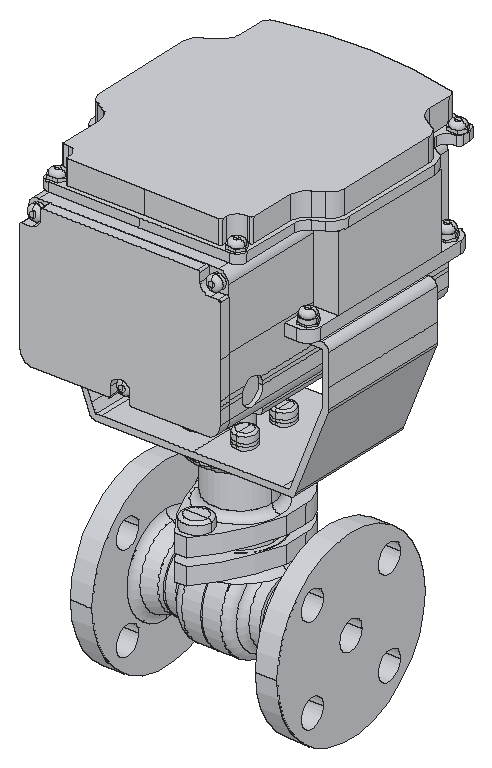
Revit family "電動二方弁_ver2021(ロゴなし)", category 電気設備, Revit 2021 (continued)
Automatic sketch dimensions
  Extrusion 41 sketch curve to Extrusion 41 sketch curve = 3.7 mm
  Extrusion 41 sketch curve to Extrusion 41 sketch curve = 7 mm
  plane 1 "中心(正面/背面)" to Extrusion 41 sketch curve = 36.395 mm
  Extrusion 41 sketch curve to plane 1 "中心(正面/背面)" = 60.605 mm
  Extrusion 41 sketch curve to Extrusion 41 sketch curve = 0.7 mm
  Extrusion 41 sketch curve to Extrusion 41 sketch curve = 7.785 mm
  Extrusion 41 sketch curve to Extrusion 41 sketch curve = 2.098 mm
  Extrusion 41 sketch curve to Extrusion 41 sketch curve = 0 mm
  Extrusion 41 sketch curve to Extrusion 41 sketch curve = 1.226 mm
  Extrusion 42 sketch curve to plane 3 "中心(左/右)" = 51.5 mm
  Extrusion 42 sketch curve to Extrusion 42 sketch curve = 5.8 mm
  Extrusion 42 sketch curve to Extrusion 42 sketch curve = 6 mm
  Extrusion 42 sketch curve to Extrusion 42 sketch curve = 6.5 mm
  Extrusion 42 sketch curve to Extrusion 42 sketch curve = 0.5 mm
  Extrusion 42 sketch curve to Extrusion 42 sketch curve = 3.7 mm
  Extrusion 42 sketch curve to Extrusion 42 sketch curve = 7 mm
  Extrusion 42 sketch curve to plane 1 "中心(正面/背面)" = 69.302 mm
  Extrusion 42 sketch curve to Extrusion 42 sketch curve = 0.212 mm
  Extrusion 42 sketch curve to Extrusion 42 sketch curve = 7.997 mm
  Extrusion 42 sketch curve to Extrusion 42 sketch curve = 0.7 mm
  plane 1 "中心(正面/背面)" to Extrusion 42 sketch curve = 29.395 mm
  Extrusion 42 sketch curve to Extrusion 42 sketch curve = 0 mm
  Extrusion 42 sketch curve to Extrusion 42 sketch curve = 1.226 mm
  Extrusion 43 sketch curve to plane 3 "中心(左/右)" = 64.592 mm
  Extrusion 43 sketch curve to Extrusion 43 sketch curve = 3.729 mm
  Extrusion 43 sketch curve to Extrusion 43 sketch curve = 1.085 mm  (x2)
  Extrusion 43 sketch curve to Extrusion 43 sketch curve = 2.797 mm  (x4)
  Extrusion 43 sketch curve to Extrusion 43 sketch curve = 7.85 mm
  Extrusion 43 sketch curve to Extrusion 43 sketch curve = 2.643 mm
  Extrusion 43 sketch curve to level = 130.361 mm
  Extrusion 43 sketch curve to Extrusion 43 sketch curve = 1.447 mm
  Extrusion 44 sketch curve to plane 3 "中心(左/右)" = 28.5 mm
  plane 3 "中心(左/右)" to Extrusion 44 sketch curve = 28.5 mm
  level to Extrusion 44 sketch curve = 161 mm
  Extrusion 44 sketch curve to Extrusion 44 sketch curve = 0.788 mm
  Revolve 45 sketch curve to plane 3 "中心(左/右)" = 60.5 mm
  Revolve 45 sketch curve to Revolve 45 sketch curve = 2.25 mm
  level to Revolve 45 sketch curve = 197.236 mm
  Revolve 45 sketch curve to Revolve 45 sketch curve = 2.264 mm
  Revolve 45 sketch curve to Revolve 45 sketch curve = 0 mm
  Revolve 45 sketch curve to Revolve 45 sketch curve = 0.936 mm
  Revolve 45 sketch curve to Revolve 45 sketch curve = 1.8 mm
  Revolve 46 sketch curve to plane 3 "中心(左/右)" = 60.5 mm
  Revolve 46 sketch curve to Revolve 46 sketch curve = 2.25 mm
  level to Revolve 46 sketch curve = 197.236 mm
  Revolve 46 sketch curve to Revolve 46 sketch curve = 2.264 mm
  Revolve 46 sketch curve to Revolve 46 sketch curve = 0 mm
  Revolve 46 sketch curve to Revolve 46 sketch curve = 0.936 mm
  Revolve 46 sketch curve to Revolve 46 sketch curve = 1.8 mm
  plane 3 "中心(左/右)" to Revolve 47 sketch curve = 56.375 mm
  Revolve 47 sketch curve to Revolve 47 sketch curve = 2.25 mm
  level to Revolve 47 sketch curve = 197.236 mm
  Revolve 47 sketch curve to Revolve 47 sketch curve = 2.264 mm
  Revolve 47 sketch curve to Revolve 47 sketch curve = 0 mm
  Revolve 47 sketch curve to Revolve 47 sketch curve = 0.936 mm
  Revolve 47 sketch curve to Revolve 47 sketch curve = 1.8 mm
  plane 3 "中心(左/右)" to Revolve 48 sketch curve = 56.375 mm
  Revolve 48 sketch curve to Revolve 48 sketch curve = 2.25 mm
  level to Revolve 48 sketch curve = 197.236 mm
  Revolve 48 sketch curve to Revolve 48 sketch curve = 2.264 mm
  Revolve 48 sketch curve to Revolve 48 sketch curve = 0 mm
  Revolve 48 sketch curve to Revolve 48 sketch curve = 0.936 mm
  Revolve 48 sketch curve to Revolve 48 sketch curve = 1.8 mm
  Extrusion 49 sketch curve to plane 1 "中心(正面/背面)" = 25.952 mm
  Extrusion 49 sketch curve to plane 3 "中心(左/右)" = 74.125 mm
  Extrusion 49 sketch curve to plane 1 "中心(正面/背面)" = 13.532 mm  (x2)
  Extrusion 49 sketch curve to plane 3 "中心(左/右)" = 23 mm
  Extrusion 49 sketch curve to plane 3 "中心(左/右)" = 6.954 mm
  Extrusion 49 sketch curve to plane 3 "中心(左/右)" = 3.046 mm
  Extrusion 49 sketch curve to plane 3 "中心(左/右)" = 1.923 mm
  plane 3 "中心(左/右)" to Extrusion 49 sketch curve = 1.923 mm
  plane 3 "中心(左/右)" to Extrusion 49 sketch curve = 3.046 mm
  plane 3 "中心(左/右)" to Extrusion 49 sketch curve = 6.954 mm
  Extrusion 49 sketch curve to Extrusion 49 sketch curve = 51.125 mm
  Extrusion 49 sketch curve to plane 1 "中心(正面/背面)" = 1.214 mm  (x2)
  Revolve 50 sketch curve to plane 3 "中心(左/右)" = 0 mm  (x2)
  Revolve 50 sketch curve to plane 3 "中心(左/右)" = 23 mm
  Revolve 50 sketch curve to Revolve 50 sketch curve = 2 mm  (x2)
  level to Revolve 50 sketch curve = 115.3 mm
  Revolve 50 sketch curve to Revolve 50 sketch curve = 5.2 mm
  Revolve 50 sketch curve to Revolve 50 sketch curve = 0.2 mm
  Extrusion 51 sketch curve to plane 1 "中心(正面/背面)" = 25.952 mm
  Extrusion 51 sketch curve to plane 3 "中心(左/右)" = 74.125 mm
  Extrusion 51 sketch curve to plane 1 "中心(正面/背面)" = 13.532 mm  (x2)
  Extrusion 51 sketch curve to plane 3 "中心(左/右)" = 23 mm
  Extrusion 51 sketch curve to plane 3 "中心(左/右)" = 6.954 mm
  Extrusion 51 sketch curve to plane 3 "中心(左/右)" = 3.046 mm
  Extrusion 51 sketch curve to plane 3 "中心(左/右)" = 1.923 mm
  plane 3 "中心(左/右)" to Extrusion 51 sketch curve = 1.923 mm
  plane 3 "中心(左/右)" to Extrusion 51 sketch curve = 3.046 mm
  plane 3 "中心(左/右)" to Extrusion 51 sketch curve = 6.954 mm
  Extrusion 51 sketch curve to Extrusion 51 sketch curve = 51.125 mm
  Extrusion 51 sketch curve to plane 1 "中心(正面/背面)" = 1.214 mm  (x2)
  Revolve 52 sketch curve to plane 3 "中心(左/右)" = 0 mm  (x2)
  Revolve 52 sketch curve to plane 3 "中心(左/右)" = 17.5 mm
  level to Revolve 52 sketch curve = 77 mm
  Revolve 52 sketch curve to Revolve 52 sketch curve = 4.3 mm
  Revolve 52 sketch curve to Revolve 52 sketch curve = 0 mm  (x2)
  Extrusion 53 sketch curve to plane 1 "中心(正面/背面)" = 24.749 mm
  level to Extrusion 53 sketch curve = 72.249 mm
  Extrusion 54 sketch curve to plane 1 "中心(正面/背面)" = 24.749 mm
  level to Extrusion 54 sketch curve = 22.751 mm
  plane 1 "中心(正面/背面)" to Extrusion 55 sketch curve = 24.749 mm
  level to Extrusion 55 sketch curve = 22.751 mm
  plane 1 "中心(正面/背面)" to Extrusion 56 sketch curve = 24.749 mm
  level to Extrusion 56 sketch curve = 22.751 mm
  Extrusion 57 sketch curve to plane 1 "中心(正面/背面)" = 0 mm
  level to Extrusion 57 sketch curve = 47.5 mm
  plane 1 "中心(正面/背面)" to Revolve 58 sketch curve = 75.7 mm
  Revolve 58 sketch curve to Revolve 58 sketch curve = 2 mm
  Revolve 58 sketch curve to Revolve 58 sketch curve = 0.6 mm
  level to Revolve 58 sketch curve = 238.5 mm
  Revolve 58 sketch curve to Revolve 58 sketch curve = 1.75 mm
  Revolve 58 sketch curve to Revolve 58 sketch curve = 0 mm  (x3)
  plane 1 "中心(正面/背面)" to Revolve 59 sketch curve = 73.1 mm
  Revolve 59 sketch curve to Revolve 59 sketch curve = 1.6 mm
  level to Revolve 59 sketch curve = 238.5 mm
  Revolve 59 sketch curve to Revolve 59 sketch curve = 3.75 mm
  Revolve 59 sketch curve to Revolve 59 sketch curve = 0 mm  (x3)
  plane 1 "中心(正面/背面)" to Revolve 60 sketch curve = 75.7 mm
  Revolve 60 sketch curve to Revolve 60 sketch curve = 2 mm
  Revolve 60 sketch curve to Revolve 60 sketch curve = 0.6 mm
  level to Revolve 60 sketch curve = 238.5 mm
  Revolve 60 sketch curve to Revolve 60 sketch curve = 1.75 mm
  Revolve 60 sketch curve to Revolve 60 sketch curve = 0 mm  (x3)
  plane 1 "中心(正面/背面)" to Revolve 61 sketch curve = 73.1 mm
  Revolve 61 sketch curve to Revolve 61 sketch curve = 1.6 mm
  level to Revolve 61 sketch curve = 238.5 mm
  Revolve 61 sketch curve to Revolve 61 sketch curve = 3.75 mm
  Revolve 61 sketch curve to Revolve 61 sketch curve = 0 mm  (x3)
  plane 1 "中心(正面/背面)" to Revolve 62 sketch curve = 75.7 mm
  Revolve 62 sketch curve to Revolve 62 sketch curve = 2 mm
  Revolve 62 sketch curve to Revolve 62 sketch curve = 0.6 mm
  level to Revolve 62 sketch curve = 174.5 mm
  Revolve 62 sketch curve to Revolve 62 sketch curve = 1.75 mm
  Revolve 62 sketch curve to Revolve 62 sketch curve = 0 mm  (x3)
  plane 1 "中心(正面/背面)" to Revolve 63 sketch curve = 73.1 mm
  Revolve 63 sketch curve to Revolve 63 sketch curve = 1.6 mm
  level to Revolve 63 sketch curve = 174.5 mm
  Revolve 63 sketch curve to Revolve 63 sketch curve = 3.75 mm
  Revolve 63 sketch curve to Revolve 63 sketch curve = 0 mm  (x3)
  Extrusion 64 sketch curve to plane 3 "中心(左/右)" = 65 mm
  Extrusion 64 sketch curve to Extrusion 64 sketch curve = 13.382 mm
  Extrusion 64 sketch curve to Extrusion 64 sketch curve = 5.3 mm  (x2)
  level to Extrusion 64 sketch curve = 205.5 mm
  Extrusion 64 sketch curve to Extrusion 64 sketch curve = 33.2 mm
  Extrusion 64 sketch curve to Extrusion 64 sketch curve = 0 mm
  Extrusion 65 sketch curve to plane 3 "中心(左/右)" = 65 mm
  Extrusion 65 sketch curve to Extrusion 65 sketch curve = 13.382 mm
  Extrusion 65 sketch curve to Extrusion 65 sketch curve = 5.3 mm  (x2)
  Extrusion 65 sketch curve to level = 205.5 mm
  Extrusion 65 sketch curve to Extrusion 65 sketch curve = 33.2 mm
  Extrusion 65 sketch curve to Extrusion 65 sketch curve = 0 mm
  Revolve 66 sketch curve to plane 3 "中心(左/右)" = 61.28 mm
  Revolve 66 sketch curve to Revolve 66 sketch curve = 1.501 mm
  Revolve 66 sketch curve to Revolve 66 sketch curve = 1.75 mm
  level to Revolve 66 sketch curve = 208.5 mm
  Revolve 66 sketch curve to Revolve 66 sketch curve = 1.322 mm
  Revolve 66 sketch curve to Revolve 66 sketch curve = 0 mm  (x2)
  Revolve 66 sketch curve to Revolve 66 sketch curve = 0.722 mm
  Extrusion 67 sketch curve to plane 3 "中心(左/右)" = 58 mm
  Extrusion 67 sketch curve to plane 1 "中心(正面/背面)" = 59.98 mm
  Extrusion 68 sketch curve to plane 3 "中心(左/右)" = 62.907 mm
  Extrusion 68 sketch curve to Extrusion 68 sketch curve = 2.454 mm  (x5)
  Extrusion 68 sketch curve to Extrusion 68 sketch curve = 4.907 mm
  Extrusion 68 sketch curve to plane 1 "中心(正面/背面)" = 55.73 mm
  Extrusion 68 sketch curve to Extrusion 68 sketch curve = 4.25 mm  (x3)
  Revolve 69 sketch curve to plane 3 "中心(左/右)" = 61.28 mm
  Revolve 69 sketch curve to Revolve 69 sketch curve = 1.501 mm
  Revolve 69 sketch curve to Revolve 69 sketch curve = 1.75 mm
  level to Revolve 69 sketch curve = 208.5 mm
  Revolve 69 sketch curve to Revolve 69 sketch curve = 1.322 mm
  Revolve 69 sketch curve to Revolve 69 sketch curve = 0 mm  (x2)
  Revolve 69 sketch curve to Revolve 69 sketch curve = 0.722 mm
  plane 3 "中心(左/右)" to Extrusion 70 sketch curve = 58.5 mm
  plane 1 "中心(正面/背面)" to Extrusion 70 sketch curve = 29.395 mm
  plane 3 "中心(左/右)" to Extrusion 71 sketch curve = 53.593 mm
  plane 1 "中心(正面/背面)" to Extrusion 71 sketch curve = 25.145 mm
  Extrusion 71 sketch curve to Extrusion 71 sketch curve = 2.454 mm  (x5)
  Extrusion 71 sketch curve to Extrusion 71 sketch curve = 4.907 mm
  plane 1 "中心(正面/背面)" to Extrusion 71 sketch curve = 29.395 mm
  Extrusion 71 sketch curve to Extrusion 71 sketch curve = 4.25 mm  (x2)
  plane 3 "中心(左/右)" to Revolve 72 sketch curve = 55.22 mm
  Revolve 72 sketch curve to Revolve 72 sketch curve = 1.501 mm
  Revolve 72 sketch curve to Revolve 72 sketch curve = 1.75 mm
  level to Revolve 72 sketch curve = 208.5 mm
  Revolve 72 sketch curve to Revolve 72 sketch curve = 1.322 mm
  Revolve 72 sketch curve to Revolve 72 sketch curve = 0 mm  (x2)
  Revolve 72 sketch curve to Revolve 72 sketch curve = 0.722 mm
  plane 3 "中心(左/右)" to Extrusion 73 sketch curve = 58.5 mm
  Extrusion 73 sketch curve to plane 1 "中心(正面/背面)" = 59.98 mm
  plane 3 "中心(左/右)" to Extrusion 74 sketch curve = 53.593 mm
  Extrusion 74 sketch curve to Extrusion 74 sketch curve = 2.454 mm  (x5)
  Extrusion 74 sketch curve to Extrusion 74 sketch curve = 4.907 mm
  Extrusion 74 sketch curve to plane 1 "中心(正面/背面)" = 55.73 mm
  Extrusion 74 sketch curve to Extrusion 74 sketch curve = 4.25 mm  (x3)
  plane 3 "中心(左/右)" to Revolve 75 sketch curve = 55.22 mm
  Revolve 75 sketch curve to Revolve 75 sketch curve = 1.501 mm
  Revolve 75 sketch curve to Revolve 75 sketch curve = 1.75 mm
  level to Revolve 75 sketch curve = 208.5 mm
  Revolve 75 sketch curve to Revolve 75 sketch curve = 1.322 mm
  Revolve 75 sketch curve to Revolve 75 sketch curve = 0 mm  (x2)
  Revolve 75 sketch curve to Revolve 75 sketch curve = 0.722 mm
  plane 3 "中心(左/右)" to Revolve 76 sketch curve = 50.936 mm
  Revolve 76 sketch curve to Revolve 76 sketch curve = 1.908 mm
  Revolve 76 sketch curve to Revolve 76 sketch curve = 1.75 mm
  level to Revolve 76 sketch curve = 250.1 mm
  Revolve 76 sketch curve to Revolve 76 sketch curve = 0.6 mm
  Revolve 76 sketch curve to Revolve 76 sketch curve = 0 mm  (x3)
  Revolve 77 sketch curve to plane 3 "中心(左/右)" = 57.314 mm
  Revolve 77 sketch curve to Revolve 77 sketch curve = 1.908 mm
  Revolve 77 sketch curve to Revolve 77 sketch curve = 1.75 mm
  level to Revolve 77 sketch curve = 250.1 mm
  Revolve 77 sketch curve to Revolve 77 sketch curve = 0.6 mm
  Revolve 77 sketch curve to Revolve 77 sketch curve = 0 mm  (x3)
  plane 3 "中心(左/右)" to Extrusion 78 sketch curve = 49.531 mm
  Extrusion 78 sketch curve to Extrusion 78 sketch curve = 2.133 mm  (x2)
  Extrusion 78 sketch curve to Extrusion 78 sketch curve = 2.177 mm
  Extrusion 78 sketch curve to Extrusion 78 sketch curve = 2.731 mm  (x2)
  Extrusion 78 sketch curve to Extrusion 78 sketch curve = 5.55 mm
  Extrusion 78 sketch curve to plane 1 "中心(正面/背面)" = 68.153 mm
  Extrusion 78 sketch curve to Extrusion 78 sketch curve = 3.694 mm  (x2)
  Extrusion 78 sketch curve to Extrusion 78 sketch curve = 3.771 mm
  Extrusion 79 sketch curve to plane 3 "中心(左/右)" = 58.719 mm
  Extrusion 79 sketch curve to Extrusion 79 sketch curve = 2.133 mm  (x2)
  Extrusion 79 sketch curve to Extrusion 79 sketch curve = 2.177 mm
  Extrusion 79 sketch curve to Extrusion 79 sketch curve = 2.731 mm  (x2)
  Extrusion 79 sketch curve to Extrusion 79 sketch curve = 5.55 mm
  Extrusion 79 sketch curve to plane 1 "中心(正面/背面)" = 68.153 mm
  Extrusion 79 sketch curve to Extrusion 79 sketch curve = 3.694 mm  (x2)
  Extrusion 79 sketch curve to Extrusion 79 sketch curve = 3.771 mm
  Extrusion 1 sketch curve to plane 1 "中心(正面/背面)" = 0 mm
  level to Extrusion 1 sketch curve = 47.437 mm
  Extrusion 7 sketch curve to plane 1 "中心(正面/背面)" = 0 mm
  level to Extrusion 7 sketch curve = 47.437 mm
  plane 1 "中心(正面/背面)" to Extrusion 80 sketch curve = 56.39 mm
  level to Extrusion 80 sketch curve = 182.782 mm
  plane 1 "中心(正面/背面)" to Extrusion 81 sketch curve = 56.39 mm
  level to Extrusion 81 sketch curve = 182.782 mm
  radius of Extrusion 2 sketch curve = 7.5 mm
  radius of Extrusion 3 sketch curve = 7.5 mm
  radius of Extrusion 4 sketch curve = 7.5 mm
  radius of Extrusion 5 sketch curve = 7.5 mm
  radius of Extrusion 6 sketch curve = 7.5 mm
  radius of Extrusion 8 sketch curve = 7.5 mm
  radius of Extrusion 12 sketch curve = 4.25 mm
  radius of Extrusion 53 sketch curve = 7.5 mm
  radius of Extrusion 54 sketch curve = 7.5 mm
  radius of Extrusion 55 sketch curve = 7.5 mm
  radius of Extrusion 56 sketch curve = 7.5 mm
  radius of Extrusion 57 sketch curve = 7.5 mm
  radius of Extrusion 67 sketch curve = 4.25 mm
  radius of Extrusion 70 sketch curve = 4.25 mm
  radius of Extrusion 73 sketch curve = 4.25 mm
Connectors
  cabletrayconduit at (-48.8, -56.39, 182.782), diameter 14.031, driven by "配線φ(左側)"
    settings: on cut or joined group of Extrusion 22, Extrusion 80, Extrusion 81, index 3, connector width 300 mm, connector height 300 mm, connector angle 0.00°, system type 32, placement type 0, profile type 0, connector reference index -1, is primary connector yes, connector utility param no, connector description ""
  cabletrayconduit at (-48.8, -56.39, 182.782), diameter 14.031, driven by "配線φ(左側)"
    settings: on cut or joined group of Extrusion 22, Extrusion 80, Extrusion 81, index 4, connector width 300 mm, connector height 300 mm, connector angle 0.00°, system type 32, placement type 0, profile type 0, connector reference index -1, is primary connector no, connector utility param no, connector description ""
  cabletrayconduit at (48.8, -56.39, 182.782), diameter 14.031, driven by "配線φ(右側)"
    settings: on cut or joined group of Extrusion 22, Extrusion 80, Extrusion 81, index 5, connector width 300 mm, connector height 300 mm, connector angle 0.00°, system type 32, placement type 0, profile type 0, connector reference index -1, is primary connector no, connector utility param no, connector description ""
